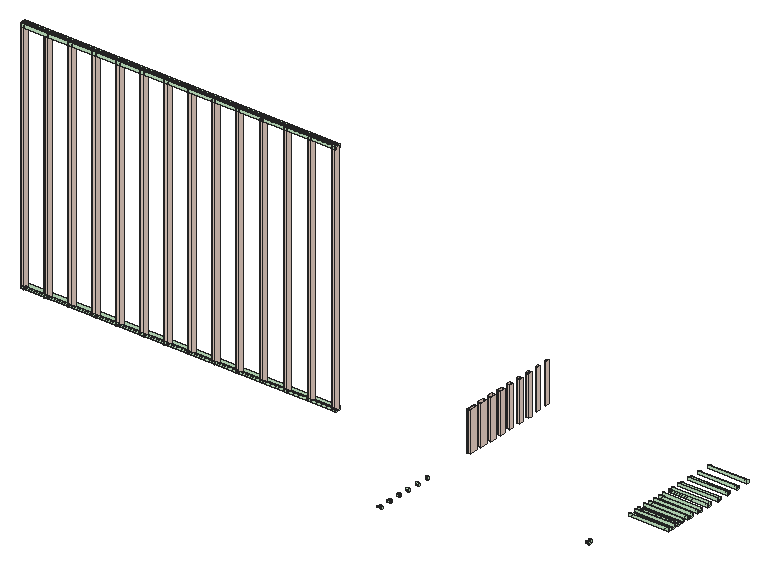
Revit family "SQ壁.", category 一般モデル, Revit 2020 (continued)
Definition of nested family "sqspacer_w25"
  Forms (mm)
    Extrusion 1, solid
      sketch origin (-17.5, 0, 0) x (0, 1, 0) y (0, 0, 1)
        loop
          arc (1.013, 1.588) -> (0.733, 1.039) -> (0.165, 0.8) r 0.897
          arc (0.165, 0.8) -> (-0.408, 1.043) -> (-0.685, 1.6) r 0.897
          line (-0.685, 1.6) -> (-0.685, 33.5)
          arc (-0.685, 33.5) -> (-0.978, 34.207) -> (-1.685, 34.5) r 1
      from 0 to 35
  Dimensions and locks
    aligned and locked: level to plane 2
Definition of nested family "sqspacer_w30"
  Parameters (values of type "sqspacer_w30")
    Manufacturer = "株式会社桐井製作所"
    Default Elevation = 0 mm
    URL = "https://www.kirii.co.jp/"
    K_材質 = "溶融亜鉛めっき鋼板"
    K_品名 = "SQ-スペーサーW30"
    K_名称 = "SQ-BAR関連部材"
    K_入数 = "400"
    K_バージョン情報 = "20210524"
  Reference planes
    plane 1 "中心(正面/背面)": y = 0
    plane 2: z = 0
    plane 3 "中心(左/右)": x = 0
  Forms (mm)
    Extrusion 1, solid
      sketch origin (-17.5, 0, 0) x (0, 1, 0) y (0, 0, 1)
        loop
          line (-1.685, 34.5) -> (-29.685, 34.5)
          arc (-29.685, 34.5) -> (-30.393, 34.206) -> (-30.685, 33.498) r 1
          line (-30.685, 33.498) -> (-30.685, 14.5) -> (-29.885, 14.5) -> (-29.885, 33.7) -> (-1.485, 33.7) -> (-1.485, 1.6)
          arc (-1.485, 1.6) -> (-0.957, 0.494) -> (0.165, 0) r 1.763
          arc (0.165, 0) -> (1.286, 0.494) -> (1.815, 1.6) r 1.763
          line (1.815, 1.6) -> (0.815, 14.7) -> (2.436, 17.942) -> (1.72, 18.3) -> (0, 14.86) -> (1.013, 1.588)
          arc (1.013, 1.588) -> (0.733, 1.039) -> (0.165, 0.8) r 0.897
          arc (0.165, 0.8) -> (-0.408, 1.043) -> (-0.685, 1.6) r 0.897
          line (-0.685, 1.6) -> (-0.685, 33.5)
          arc (-0.685, 33.5) -> (-0.978, 34.207) -> (-1.685, 34.5) r 1
      from 0 to 35
  Dimensions and locks
    aligned and locked: level to plane 2
Definition of nested family "sqspacer_w35"
  Parameters (values of type "sqspacer_w35")
    Manufacturer = "株式会社桐井製作所"
    Default Elevation = 0 mm
    URL = "https://www.kirii.co.jp/"
    K_材質 = "溶融亜鉛めっき鋼板"
    K_品名 = "SQ-スペーサーW35"
    K_名称 = "SQ-BAR関連部材"
    K_入数 = "400"
    K_バージョン情報 = "20210524"
  Reference planes
    plane 1 "中心(正面/背面)": y = 0
    plane 2: z = 0
    plane 3 "中心(左/右)": x = 0
  Forms (mm)
    Extrusion 1, solid
      sketch origin (-17.5, 0, 0) x (0, 1, 0) y (0, 0, 1)
        loop
          line (-1.685, 34.5) -> (-34.785, 34.5)
          arc (-34.785, 34.5) -> (-35.494, 34.206) -> (-35.785, 33.496) r 1
          line (-35.785, 33.496) -> (-35.785, 19.5) -> (-34.985, 19.5) -> (-34.985, 33.7) -> (-1.485, 33.7) -> (-1.485, 1.6)
          arc (-1.485, 1.6) -> (-0.957, 0.494) -> (0.165, 0) r 1.763
          arc (0.165, 0) -> (1.286, 0.494) -> (1.815, 1.6) r 1.763
          line (1.815, 1.6) -> (0.815, 14.7) -> (2.436, 17.942) -> (1.72, 18.3) -> (0, 14.86) -> (1.013, 1.588)
          arc (1.013, 1.588) -> (0.733, 1.039) -> (0.165, 0.8) r 0.897
          arc (0.165, 0.8) -> (-0.408, 1.043) -> (-0.685, 1.6) r 0.897
          line (-0.685, 1.6) -> (-0.685, 33.5)
          arc (-0.685, 33.5) -> (-0.978, 34.207) -> (-1.685, 34.5) r 1
      from 0 to 35
  Dimensions and locks
    aligned and locked: level to plane 2
